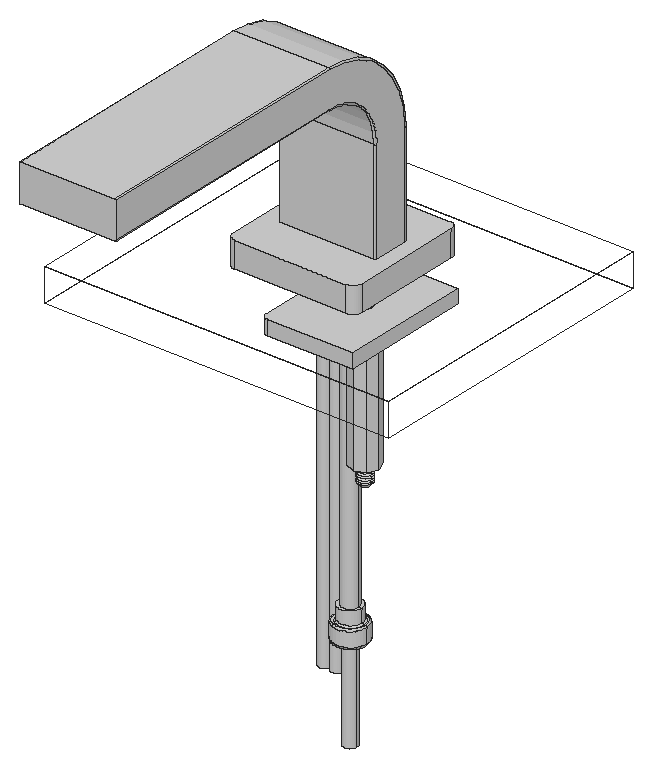
Revit family "SFS-9000", category Generic Models, host Face, Revit 2023
Family settings
  Host = Face
  Can host rebar = No
  Round Connector Dimension = Use Diameter
  Part Type = Normal
  Cut with Voids When Loaded = No
  Maintain Annotation Orientation = No
  Shared = No
  Room Calculation Point = No
Parameters
  Material = Stainless Steel, Polished
  Default Elevation = 4' - 0"
Reference planes (in)
  plane 1 "Center (Front/Back)": y = 0
  plane 2: z = 0
  plane 3 "Center (Left/Right)": x = 0
  plane 4: x = 1
  plane 5: x = -1
  plane 6: y = 1
  plane 7: y = -1
  plane 8: z = 0.39294
  plane 9 "threads": x = 0.35474
  plane 10: x = 0.12389
  plane 11: y = -4.375
  plane 12: z = 3.4375
Forms (in)
  Extrusion 1, solid, material "Air"
    sketch origin (0, 0, 0) x (1, 0, 0) y (0, 1, 0)
      loop
        line (-2.69176, 2.34606) -> (-2.69176, -2.39867) -> (2.64196, -2.39867) -> (2.64196, 2.34606) -> (-2.69176, 2.34606)
    from 0 to -0.50692
  Extrusion 2, solid, material "Stainless Steel, Polished" <- "Material"
    sketch origin (0, 0, 0) x (1, 0, 0) y (0, 1, 0)
      loop
        arc (-0.8616, 1) -> (-0.95946, 0.95946) -> (-1, 0.8616) r 0.1384
        line (-1, 0.8616) -> (-1, -0.8616)
        arc (-1, -0.8616) -> (-0.95946, -0.95946) -> (-0.8616, -1) r 0.1384
        line (-0.8616, -1) -> (0.8616, -1)
        arc (0.8616, -1) -> (0.95946, -0.95946) -> (1, -0.8616) r 0.1384
        line (1, -0.8616) -> (1, 0.8616)
        arc (1, 0.8616) -> (0.95946, 0.95946) -> (0.8616, 1) r 0.1384
        line (0.8616, 1) -> (-0.8616, 1)
    from 0 to 0.39294
  Revolve 3, solid, material "Stainless Steel, Polished" <- "Material"
    sketch origin (0, 0, 0) x (1, 0, 0) y (0, 0, 1)
      loop
        line (0.32211, 0) -> (0.24685, -0.02724) -> (0.29913, -0.04423) -> (0.24685, -0.06122) -> (0.29913, -0.07821) -> (0.24685, -0.0952) -> (0.29913, -0.11219) -> (0.24685, -0.12918) -> (0.29913, -0.14617) -> (0.24685, -0.16316) -> (0.29913, -0.18015) -> (0.24685, -0.19714) -> (0.29913, -0.21412) -> (0.24685, -0.23111) -> (0.29913, -0.2481) -> (0.24685, -0.26509) -> (0.29913, -0.28208) -> (0.24685, -0.29907) -> (0.29913, -0.31606) -> (0.24685, -0.33305) -> (0.29913, -0.35004) -> (0.24685, -0.36703) -> (0.29913, -0.38402) -> (0.24685, -0.401) -> (0.29913, -0.41799) -> (0.24685, -0.43498) -> (0.29913, -0.45197) -> (0.24685, -0.46896) -> (0.29913, -0.48595) -> (0.24685, -0.50294) -> (0.29913, -0.51993) -> (0.24685, -0.53692) -> (0.29913, -0.55391) -> (0.24685, -0.57089) -> (0.29913, -0.58788) -> (0.24685, -0.60487) -> (0.29913, -0.62186) -> (0.24685, -0.63885) -> (0.29913, -0.65584) -> (0.24685, -0.67283) -> (0.29913, -0.68982) -> (0.24685, -0.70681) -> (0.29684, -0.72305) -> (0.13665, -0.72305) -> (0.13665, -2.71929) -> (0.24685, -2.71929) -> (0.29913, -2.73628) -> (0.24685, -2.75327) -> (0.29913, -2.77026) -> (0.24685, -2.78724) -> (0.29913, -2.80423) -> (0.24685, -2.82122) -> (0.29913, -2.83821) -> (0.24685, -2.8552) -> (0.29913, -2.87219) -> (0.24685, -2.88918) -> (0.29913, -2.90617) -> (0.24685, -2.92316) -> (0.29913, -2.94015) -> (0.24685, -2.95713) -> (0.28784, -3.00266) -> (0.35474, -3.00266) -> (0.35474, 0) -> (0.32211, 0)
      axis (0.35474, -3.00266) -> (0.35474, 0)
    angle from 0 to 360
  Revolve 4, solid, material "Stainless Steel, Polished" <- "Material"
    sketch origin (-0.20265, 0.08658, 0) x (1, 0, 0) y (0, 0, 1)
      loop
        line (-0.13645, 0) -> (-0.2302, 0) -> (-0.2302, -5.78198) -> (-0.13645, -5.78198) -> (-0.13645, 0)
      axis (-0.13645, 0) -> (-0.13645, -5.78198)
    angle from 0 to 360
  Revolve 5, solid, material "Stainless Steel, Polished" <- "Material"
    sketch origin (-0.01319, 0.08658, 0) x (1, 0, 0) y (0, 0, 1)
      loop
        line (-0.13645, 0) -> (-0.2302, 0) -> (-0.2302, -5.78198) -> (-0.13645, -5.78198) -> (-0.13645, 0)
      axis (-0.13645, 0) -> (-0.13645, -5.78198)
    angle from 0 to 360
  Revolve 6, solid, material "Stainless Steel, Polished" <- "Material"
    sketch origin (0, 0, 0) x (1, 0, 0) y (0, 0, 1)
      loop
        line (0.12389, -6.6886) -> (0.12389, 0) -> (-0.00087, 0) -> (-0.00087, -4.74105) -> (-0.05589, -4.74105) -> (-0.05589, -4.94061)
        arc (-0.05589, -4.94061) -> (-0.06189, -4.9551) -> (-0.07638, -4.9611) r 0.02049
        line (-0.07638, -4.9611) -> (-0.11219, -4.9611)
        arc (-0.11219, -4.9611) -> (-0.12625, -4.9683) -> (-0.1319, -4.98306) r 0.02208
        line (-0.1319, -4.98306) -> (-0.1319, -5.20898)
        arc (-0.1319, -5.20898) -> (-0.1261, -5.2239) -> (-0.11174, -5.23098) r 0.02208
        line (-0.11174, -5.23098) -> (-0.01389, -5.23971)
        arc (-0.01389, -5.23971) -> (0.01081, -5.25229) -> (0.02074, -5.27817) r 0.03867
        line (0.02074, -5.27817) -> (0.02074, -6.6886) -> (0.12389, -6.6886)
      axis (0.12389, -6.6886) -> (0.12389, 0)
    angle from 0 to 360
  Extrusion 7, void
    sketch origin (0, 0, 0) x (1, 0, 0) y (0, 1, 0)
      loop
        line (0.35474, 0.21809) -> (0.20053, 0.15421) -> (0.13665, 0) -> (0.20053, -0.15421) -> (0.35474, -0.21809) -> (0.50896, -0.15421) -> (0.57284, 0) -> (0.50896, 0.15421) -> (0.35474, 0.21809)
      loop
        circle (0.35474, 0) r 0.24934
    from -2.71929 to -0.72305
  Sweep 8, solid, material "Stainless Steel, Polished" <- "Material"
    path origin (0, 0, -0.00305) x (0, -1, 0) y (0, 0, -1)
      loop
        line (0, -0.39599) -> (0, -1.99015)
        arc (0, -1.99015) -> (0.34675, -2.81473) -> (1.17859, -3.14367) r 1.15379
        line (1.17859, -3.14367) -> (5.3125, -3.14367)
    profile origin (0, 0, 1.19002) x (0, -1, 0) y (1, 0, 0)
      loop
        arc (-0.29687, -0.72973) -> (-0.29094, -0.74406) -> (-0.2766, -0.75) r 0.02027
        line (-0.2766, -0.75) -> (0.2766, -0.75)
        arc (0.2766, -0.75) -> (0.29094, -0.74406) -> (0.29688, -0.72973) r 0.02027
        line (0.29688, -0.72973) -> (0.29688, 0.72973)
        arc (0.29688, 0.72973) -> (0.29094, 0.74406) -> (0.2766, 0.75) r 0.02027
        line (0.2766, 0.75) -> (-0.2766, 0.75)
        arc (-0.2766, 0.75) -> (-0.29094, 0.74406) -> (-0.29687, 0.72973) r 0.02027
        line (-0.29687, 0.72973) -> (-0.29687, -0.72973)
  Revolve 9, solid, material "Stainless Steel, Polished" <- "Material"
    sketch origin (0, 0, -0.00305) x (0, -1, 0) y (0, 0, -1)
      loop
        line (4.634, -2.84895) -> (4.53747, -2.495)
        arc (4.53747, -2.495) -> (4.52808, -2.48104) -> (4.51213, -2.47564) r 0.02627
        line (4.51213, -2.47564) -> (4.44357, -2.47564) -> (4.44357, -2.64936) -> (4.375, -2.64936) -> (4.375, -2.84895) -> (4.634, -2.84895)
      axis (4.375, -2.47564) -> (4.375, -2.84895)
    angle from 0 to 360
  Extrusion 10, solid, material "Stainless Steel, Polished" <- "Material"
    sketch origin (0, 0, 0) x (1, 0, 0) y (0, 1, 0)
      loop
        line (0.97996, -1.02199) -> (0.97996, 1.02141) -> (-0.33313, 1.02141)
        arc (-0.33313, 1.02141) -> (-0.41047, 0.98938) -> (-0.44251, 0.91204) r 0.10938
        line (-0.44251, 0.91204) -> (-0.44251, -0.91135)
        arc (-0.44251, -0.91135) -> (-0.4101, -0.98958) -> (-0.33187, -1.02199) r 0.11064
        line (-0.33187, -1.02199) -> (0.97996, -1.02199)
      loop
        circle (-0.14964, 0.08658) r 0.09375
      loop
        circle (0.12389, 0) r 0.12476
      loop
        circle (-0.33909, 0.08658) r 0.09375
      loop
        circle (0.35474, 0) r 0.09375
    from -0.50692 to -0.72695
Cuts and joins
  Extrusion 7 cuts Extrusion 2
  Extrusion 7 cuts Revolve 3
Dimensions and locks (in)
  plane 5 to plane 4 = 0' - 2"
  plane 11 to plane 1 "Center (Front/Back)" = 0' - 4 3/8"
  Sweep 8 to plane 6 = 0' - 6 5/16"
  plane 12 to plane 2 = 0' - 3 7/16"
  plane 12 to level = 0' - 3 7/16"
  aligned and locked: plane 2 to Extrusion 1
  aligned and locked: level to Extrusion 1
  aligned and locked: plane 8 to Extrusion 2
  aligned and locked: Extrusion 2 to Revolve 4
  aligned and locked: Extrusion 2 to Revolve 5
